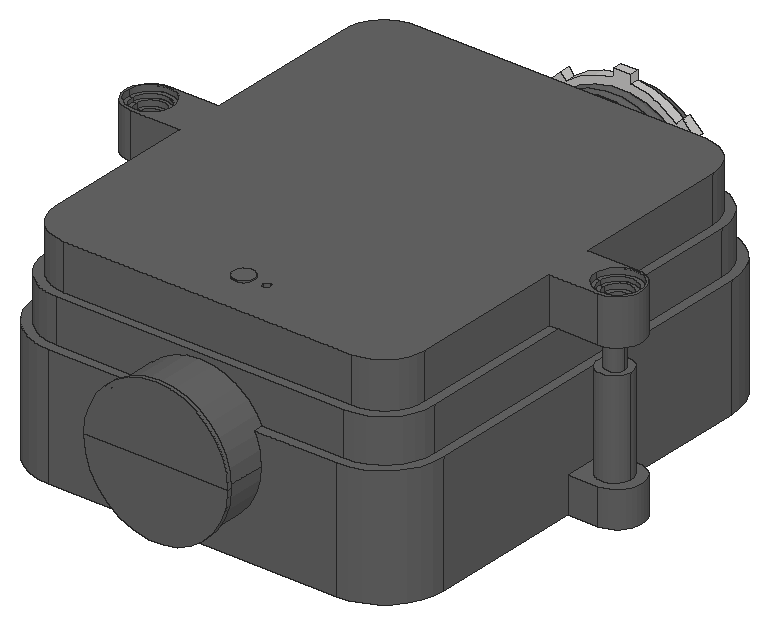
Revit family "UVPPHD", category Communication Devices, host Face, Revit 2021
Family settings
  Host = Face
  Maintain Annotation Orientation = No
  Round Connector Dimension = Use Diameter
  Part Type = Normal
  OmniClass Number = 23.85.80.11.27
  OmniClass Title = Lighting Controls
  Cut with Voids When Loaded = No
  Shared = Yes
  Room Calculation Point = No
Parameters
  Warranty = "5-Years Warranty"  # constant formula
  Type Comments = "Power Packs and Relays"  # constant formula
  Product Page URL = ""
  Product Documentation Link = ""
  URL = "https://www.currentlighting.com/nxlightingcontrols"
  Model = "Heavy Duty Universal Voltage Power Packs"  # constant formula
  Manufacturer = " NX Lighting Controls"  # constant formula
  L = 5.26"
  Washer = Metal-Galvanized_Steel
  Features = "Robust latching relay provides unsurpassed and unrestricted performance\r\n• Universal voltage: 100–277VAC; 50/60Hz\r\n• Automatic voltage detection\r\n• Electrical load switching capability: maximum of 20 Amps\r\n• Regulated 24VDC current; 250mA output \r\n• Zero Arc Point Switching\r\n• Plenum rated\r\n• Mounts: inside or outside a junction box; inside a fixture\r\n• UL and cUL listed\r\n• Five-year limited warranty\r\n• Low voltage device: 24 VDC\r\n• Auto or Manual “ON” operation\r\n• Powers up to six low voltage sensors\r\n"  # constant formula
  Description = "The Universal Voltage Power Pack (UVPPHD) is a self-contained transformer and mechanical latching relay designed for low-voltage 24VDC occupancy sensors.\r\nThe power pack supports and automatically detects the line-voltage input within the 100–277VAC range. This eliminates the need for voltage-specific power packs. The Universal Voltage Power Pack with optional Manual ON/OFF control provides a unique solution for lighting applications where users require both manual ON/OFF control as well as automatic OFF control."  # constant formula
  Default Elevation = 48.0"
  Copyright = "Copyright © NX Lighting Controls"  # constant formula
  Contact Us = ""
  Housing Material = Paint - Carbon Black
  Certification = "UL and cUL Listed"  # constant formula
  Assembly Code = "D5090"
Reference planes (in)
  plane 1 "Center (Front/Back)": y = 13.01342
  plane 2: z = 0
  plane 3 "Center (Left/Right)": x = 0
  plane 4: x = -1.7
  plane 5: x = 1.7
  plane 6: y = 11.01342
  plane 7: y = 15.01342
Forms (in)
  Extrusion 1, solid, material "Paint - Carbon Black" <- "Housing Material"
    sketch origin (0, 0, 0) x (1, 0, 0) y (0, 1, 0)
      loop
        line (-1.2, 11.01342) -> (1.2, 11.01342)
        arc (1.2, 11.01342) -> (1.55355, 11.15987) -> (1.7, 11.51342) r 0.5
        line (1.7, 11.51342) -> (1.7, 14.51342)
        arc (1.7, 14.51342) -> (1.55355, 14.86697) -> (1.2, 15.01342) r 0.5
        line (1.2, 15.01342) -> (-1.2, 15.01342)
        arc (-1.2, 15.01342) -> (-1.55355, 14.86697) -> (-1.7, 14.51342) r 0.5
        line (-1.7, 14.51342) -> (-1.7, 11.51342)
        arc (-1.7, 11.51342) -> (-1.55355, 11.15987) -> (-1.2, 11.01342) r 0.5
    from 0 to 1
  Extrusion 2, solid, material "Paint - Carbon Black" <- "Housing Material"
    sketch origin (0, 0, 0) x (1, 0, 0) y (0, 1, 0)
      loop
        line (1.2, 14.93342) -> (-1.2, 14.93342)
        arc (-1.2, 14.93342) -> (-1.49698, 14.8104) -> (-1.62, 14.51342) r 0.42
        line (-1.62, 14.51342) -> (-1.62, 11.51342)
        arc (-1.62, 11.51342) -> (-1.49698, 11.21643) -> (-1.2, 11.09342) r 0.42
        line (-1.2, 11.09342) -> (1.2, 11.09342)
        arc (1.2, 11.09342) -> (1.49698, 11.21643) -> (1.62, 11.51342) r 0.42
        line (1.62, 11.51342) -> (1.62, 14.51342)
        arc (1.62, 14.51342) -> (1.49698, 14.8104) -> (1.2, 14.93342) r 0.42
    from 1 to 1.36
  Extrusion 3, solid, material "Paint - Carbon Black" <- "Housing Material"
    sketch origin (0, 0, 0) x (1, 0, 0) y (0, 1, 0)
      loop
        arc (-1.2, 14.85342) -> (-1.44042, 14.75384) -> (-1.54, 14.51342) r 0.34
        line (-1.54, 14.51342) -> (-1.54, 11.51342)
        arc (-1.54, 11.51342) -> (-1.44042, 11.273) -> (-1.2, 11.17342) r 0.34
        line (-1.2, 11.17342) -> (1.2, 11.17342)
        arc (1.2, 11.17342) -> (1.44042, 11.273) -> (1.54, 11.51342) r 0.34
        line (1.54, 11.51342) -> (1.54, 14.51342)
        arc (1.54, 14.51342) -> (1.44042, 14.75384) -> (1.2, 14.85342) r 0.34
        line (1.2, 14.85342) -> (-1.2, 14.85342)
    from 1.36 to 1.74
  Extrusion 4, solid, material "Paint - Carbon Black" <- "Housing Material"
    sketch origin (0, 0, 0) x (1, 0, 0) y (0, 1, 0)
      loop
        line (-1.7, 13.21215) -> (-1.95, 13.21215)
        arc (-1.95, 13.21215) -> (-2.15329, 13.00886) -> (-1.95, 12.80557) r 0.20329
        line (-1.95, 12.80557) -> (-1.7, 12.80557) -> (-1.7, 13.21215)
    from 0 to 0.3
  Extrusion 5, solid, material "Paint - Carbon Black" <- "Housing Material"
    sketch origin (0, 0, 0) x (1, 0, 0) y (0, 1, 0)
      loop
        circle (-1.92328, 13.01342) r 0.13663
    from 0.3 to 1.1
  Extrusion 6, solid, material "Paint - Carbon Black" <- "Housing Material"
    sketch origin (0, 0, 0) x (1, 0, 0) y (0, 1, 0)
      loop
        circle (-1.92508, 13.01342) r 0.08015
    from 1.1 to 1.36
  Extrusion 7, solid, material "Paint - Carbon Black" <- "Housing Material"
    sketch origin (0, 0, 1.5) x (0, -1, 0) y (1, 0, 0)
      loop
        line (-13.21215, -1.54375) -> (-13.21215, -1.95)
        arc (-13.21215, -1.95) -> (-13.00886, -2.15329) -> (-12.80557, -1.95) r 0.20329
        line (-12.80557, -1.95) -> (-12.80557, -1.54375) -> (-13.21215, -1.54375)
    from -0.14 to 0.24
  Revolve 8, void
    sketch origin (0, 13.01342, 0) x (1, 0, 0) y (0, 0, 1)
      loop
        line (-1.95, 1.74) -> (-1.95, 1.58381) -> (-1.87233, 1.58381) -> (-1.87233, 1.61974) -> (-1.83144, 1.61974) -> (-1.83144, 1.66063) -> (-1.79923, 1.66063) -> (-1.79923, 1.69284) -> (-1.76485, 1.69284) -> (-1.76485, 1.74) -> (-1.95, 1.74)
      axis (-1.95, 1.58381) -> (-1.95, 1.74)
    angle from 0 to 360
  Extrusion 9, solid, material "Paint - Carbon Black" <- "Housing Material"
    sketch origin (0, 0, 0) x (-1, 0, 0) y (0, -1, 0)
      loop
        line (-1.7, -13.21215) -> (-1.7, -12.80557) -> (-1.95, -12.80557)
        arc (-1.95, -12.80557) -> (-2.15329, -13.00886) -> (-1.95, -13.21215) r 0.20329
        line (-1.95, -13.21215) -> (-1.7, -13.21215)
    from 0 to 0.3
  Extrusion 10, solid, material "Paint - Carbon Black" <- "Housing Material"
    sketch origin (0, 0, 0) x (-1, 0, 0) y (0, -1, 0)
      loop
        circle (-1.92328, -13.01342) r 0.13663
    from 0.3 to 1.1
  Extrusion 11, solid, material "Paint - Carbon Black" <- "Housing Material"
    sketch origin (0, 0, 0) x (-1, 0, 0) y (0, -1, 0)
      loop
        circle (-1.92508, -13.01342) r 0.08015
    from 1.1 to 1.36
  Extrusion 12, solid, material "Paint - Carbon Black" <- "Housing Material"
    sketch origin (0, 0, 1.5) x (0, 1, 0) y (-1, 0, 0)
      loop
        line (13.21215, -1.54375) -> (12.80557, -1.54375) -> (12.80557, -1.95)
        arc (12.80557, -1.95) -> (13.00886, -2.15329) -> (13.21215, -1.95) r 0.20329
        line (13.21215, -1.95) -> (13.21215, -1.54375)
    from -0.14 to 0.24
  Revolve 13, void
    sketch origin (0, 13.01342, 0) x (-1, 0, 0) y (0, 0, 1)
      loop
        line (-1.95, 1.74) -> (-1.95, 1.58381) -> (-1.87233, 1.58381) -> (-1.87233, 1.61974) -> (-1.83144, 1.61974) -> (-1.83144, 1.66063) -> (-1.79923, 1.66063) -> (-1.79923, 1.69284) -> (-1.76485, 1.69284) -> (-1.76485, 1.74) -> (-1.95, 1.74)
      axis (-1.95, 1.58381) -> (-1.95, 1.74)
    angle from 0 to 360
  Extrusion 14, solid, material "Paint - Carbon Black" <- "Housing Material"
    sketch origin (0, 0, 0) x (1, 0, 0) y (0, 1, 0)
      loop
        circle (0, 11.54733) r 0.08596
    from 1.73 to 1.75
  Extrusion 15, void
    sketch origin (0, 0, 0) x (1, 0, 0) y (0, 1, 0)
      loop
        circle (0.19854, 11.54153) r 0.031
    from 1.5 to 1.75
  Revolve 16, solid, material "Paint - Carbon Black" <- "Housing Material"
    sketch origin (0, 0, 0.75) x (1, 0, 0) y (0, 1, 0)
      loop
        line (0, 14.93342) -> (0.75, 14.93342) -> (0.75, 15.04866) -> (0.6315, 15.04866)
        arc (0.6315, 15.04866) -> (0.66863, 15.0858) -> (0.6315, 15.12293) r 0.03714
        arc (0.6315, 15.12293) -> (0.66863, 15.16007) -> (0.6315, 15.1972) r 0.03714
        arc (0.6315, 15.1972) -> (0.66863, 15.23434) -> (0.6315, 15.27148) r 0.03714
        arc (0.6315, 15.27148) -> (0.66863, 15.30861) -> (0.6315, 15.34575) r 0.03714
        arc (0.6315, 15.34575) -> (0.66863, 15.38289) -> (0.6315, 15.42002) r 0.03714
        arc (0.6315, 15.42002) -> (0.66863, 15.45716) -> (0.6315, 15.4943) r 0.03714
        arc (0.6315, 15.4943) -> (0.66863, 15.53143) -> (0.6315, 15.56857) r 0.03714
        arc (0.6315, 15.56857) -> (0.66863, 15.6057) -> (0.6315, 15.64284) r 0.03714
        line (0.6315, 15.64284) -> (0.6315, 15.68785) -> (0, 15.68785) -> (0, 14.93342)
      axis (0, 15.68785) -> (0, 14.93342)
    angle from 0 to 360
  Revolve 17, solid, material "Paint - Carbon Black" <- "Housing Material"
    sketch origin (0, 0, 0.75) x (1, 0, 0) y (0, 1, 0)
      loop
        line (0, 11.18995) -> (0, 10.63047) -> (0.6012, 10.63047) -> (0.6012, 10.66147) -> (0.5702, 10.66147) -> (0.5702, 11.18995) -> (0, 11.18995)
      axis (0, 11.18995) -> (0, 10.63047)
    angle from 0 to 360
  Extrusion 18, solid, material "Metal-Galvanized_Steel" <- "Washer"
    sketch origin (0, 13.01342, 0) x (1, 0, 0) y (0, 0, 1)
      loop
        circle (0, 0.74794) r 0.65476
      loop
        line (0.72095, 0.67523) -> (0.79111, 0.67523)
        arc (0.79111, 0.67523) -> (0.79445, 0.74794) -> (0.79111, 0.82064) r 0.79445
        line (0.79111, 0.82064) -> (0.72095, 0.82064)
        arc (0.72095, 0.82064) -> (0.66945, 1.02523) -> (0.5612, 1.20631) r 0.72461
        line (0.5612, 1.20631) -> (0.61081, 1.25593)
        arc (0.61081, 1.25593) -> (0.56176, 1.3097) -> (0.50799, 1.35875) r 0.79445
        line (0.50799, 1.35875) -> (0.45838, 1.30914)
        arc (0.45838, 1.30914) -> (0.27729, 1.41738) -> (0.07271, 1.46888) r 0.72461
        line (0.07271, 1.46888) -> (0.07271, 1.53905)
        arc (0.07271, 1.53905) -> (0, 1.54238) -> (-0.07271, 1.53905) r 0.79445
        line (-0.07271, 1.53905) -> (-0.07271, 1.46888)
        arc (-0.07271, 1.46888) -> (-0.27729, 1.41738) -> (-0.45838, 1.30914) r 0.72461
        line (-0.45838, 1.30914) -> (-0.50799, 1.35875)
        arc (-0.50799, 1.35875) -> (-0.56176, 1.3097) -> (-0.61081, 1.25593) r 0.79445
        line (-0.61081, 1.25593) -> (-0.5612, 1.20631)
        arc (-0.5612, 1.20631) -> (-0.66945, 1.02523) -> (-0.72095, 0.82064) r 0.72461
        line (-0.72095, 0.82064) -> (-0.79111, 0.82064)
        arc (-0.79111, 0.82064) -> (-0.79445, 0.74794) -> (-0.79111, 0.67523) r 0.79445
        line (-0.79111, 0.67523) -> (-0.72095, 0.67523)
        arc (-0.72095, 0.67523) -> (-0.66945, 0.47064) -> (-0.5612, 0.28956) r 0.72461
        line (-0.5612, 0.28956) -> (-0.61081, 0.23995)
        arc (-0.61081, 0.23995) -> (-0.56176, 0.18618) -> (-0.50799, 0.13712) r 0.79445
        line (-0.50799, 0.13712) -> (-0.45838, 0.18674)
        arc (-0.45838, 0.18674) -> (-0.27729, 0.07849) -> (-0.07271, 0.02699) r 0.72461
        line (-0.07271, 0.02699) -> (-0.07271, -0.04318)
        arc (-0.07271, -0.04318) -> (0, -0.04651) -> (0.07271, -0.04318) r 0.79445
        line (0.07271, -0.04318) -> (0.07271, 0.02699)
        arc (0.07271, 0.02699) -> (0.27729, 0.07849) -> (0.45838, 0.18674) r 0.72461
        line (0.45838, 0.18674) -> (0.50799, 0.13712)
        arc (0.50799, 0.13712) -> (0.56176, 0.18618) -> (0.61081, 0.23995) r 0.79445
        line (0.61081, 0.23995) -> (0.5612, 0.28956)
        arc (0.5612, 0.28956) -> (0.66945, 0.47064) -> (0.72095, 0.67523) r 0.72461
    from -2.55515 to -2.48088
Cuts and joins
  Extrusion 15 cuts Extrusion 1
  Extrusion 15 cuts Extrusion 2
  Extrusion 15 cuts Extrusion 3
  Extrusion 15 cuts Extrusion 4
  Extrusion 15 cuts Extrusion 5
  Extrusion 15 cuts Extrusion 6
  Revolve 8, Revolve 13, Extrusion 15 cuts Extrusion 7
  Extrusion 15 cuts Extrusion 9
  Extrusion 15 cuts Extrusion 10
  Extrusion 15 cuts Extrusion 11
  Revolve 13, Extrusion 15 cuts Extrusion 12
  joined: Extrusion 1, Extrusion 2, Extrusion 3, Extrusion 4, Extrusion 5, Extrusion 6, Extrusion 7, Extrusion 9, Extrusion 10, Extrusion 11, Extrusion 12, Extrusion 14, Revolve 16, Revolve 17
Dimensions and locks (in)
  aligned and locked: plane 2 to host face
  aligned and locked: level to host face
Connectors (in)
  electrical at (1.1566, 13.01342, 1)
    settings: on cut or joined group of Extrusion 1, Extrusion 2, Extrusion 3, Extrusion 4, Extrusion 5, Extrusion 6, Extrusion 7, Revolve 8, Extrusion 9, Extrusion 10, Extrusion 11, Extrusion 12, Revolve 13, Extrusion 14, Extrusion 15, Revolve 16, Revolve 17, index 1, voltage 0 V, apparent load 0 VA, apparent load phase1 0 VA, apparent load phase2 0 VA, apparent load phase3 0 VA, power factor 1, load classification "Other", number of poles 1, system type 13, power factor state 1, is connector primary yes, connector utility no, sub classification motor no, connector description "POWER PACK"
